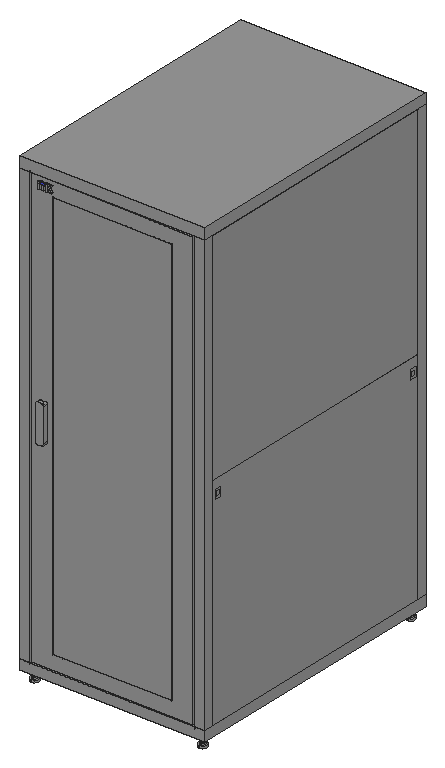
Revit family "ITK by ZPAS_Шкаф серверный_Напольный_42U-47U_IP20", category Электрооборудование, Revit 2019
Family settings
  Размер круглого соединителя = Использовать диаметр
  Тип детали = Другая панель
  На основе рабочей плоскости = Нет
  Всегда вертикально = Да
  При загрузке вырезать с полостями = Нет
  Общий = Нет
  Точка расчета площади = Нет
Parameters (values of type "В2000хШ800хГ1200_Серый_PP")
  Ширина = 800 mm
  Степень защиты = "IP20"  # constant formula
  Основание = 43 mm  # constant formula
  Материал стекла (перфорации) = Окраска - RAL 7035 перфорация
  Материал = Окраска - RAL 7035
  Комплект двери перфорированной распашной_ITK = no
  Комплект двери перфорированной задней_ITK = yes
  Изготовитель = "ITK"  # constant formula
  Дата изменения = ""
  Глубина = 1200 mm
  Высота общая = Высота + Основание  # 2043 mm
  Высота = 2000 mm
  УГО двухдверного шкафа = yes
  Тип монтажа = "Напольный"  # constant formula
  ΔХ [instance] = 2000 mm
  ΔY [instance] = 2000 mm
  URL = "https://www.iek.ru/"
  KSI_CPr_Строительные изделия = "61.1.04.08"  # constant formula
  KSI_CMa_Строительные материалы = "10.03.02.06"  # constant formula
  IEK_Цена за единицу = 146164.64
  IEK_Поиск в таблице имен = ""
  IEK_Описание = "Высокопрочная конструкция: - Прочный разборный каркас из стальных замкнутых профилей. - Допустимая статическая нагрузка: 1360 кг – для шкафа, установленного на ножках; 1500 кг – для шкафа без ножек, установленного непосредственно на полу. Многофункциональность: - Плавная и удобная (без инструментов) регулировка 19-дюймовых монтажных профилей. - Простая установка оборудования благодаря юнитовой (U) разметке на профилях. - Изменение монтажной ширины с 19 на 21 дюйм без использования дополнительных элементов (в шкафах шириной 800 мм). - Угол открытия двери до 270 градусов с возможностью изменения направления открытия. - Удобный доступ к оборудованию благодаря боковым панелям, состоящим из 2 секций. - Панели-перегородки между шкафами можно установить на любом этапе эксплуатации. - Для соединения кабелей заземления с элементами шкафа не требуются инструменты. - Для установки верхней панели шкафа не требуются инструменты. - Каркас содержит отверстия для установки аксессуаров. Безопасность: - Высоконадежная система запирания шкафа: 5-точечная для одностворчатых дверей, 3-точечная для двустворчатых дверей. - Возможность использования замков с контролем доступа. Эффективность: - Передние и задние двери с оптимальным уровнем перфорации 80%. - Для обеспечения необходимого притока холодного воздуха к оборудованию общая поверхность зоны перфорации составляет около 86% площади двери. - Для оптимизации притока холодного воздуха применяются компоненты, позволяющие разделить холодные и горячие зоны как в рамках одного шкафа, так и в пределах модульной системы из множества шкафов ITK by ZPAS."
  IEK_URL = "https://www.itk-group.ru/produktsiya/catalog/oborudovanie_telekommunikatsionnoe/kompleksnye_resheniya_dlya_tsod/shkafy_i_aksessuary_dlya_tsod/shkafy_servernye_itk_by_zpas/itk_by_zpas_shkaf_servernyy_19_42u_800kh1200mm_odnodvernyy_seryy"
  ADSK_Примечание = ""
  ADSK_Позиция [instance] = ""
  ADSK_Наименование = "ITK by ZPAS Шкаф серв. 19\" 42U В2000хШ800хГ1200 однодверный серый"
  ADSK_Материал обозначение = ""
  ADSK_Материал наименование = "Листовая сталь"  # constant formula
  ADSK_Масса = 110
  ADSK_Марка = "by ZPAS"  # constant formula
  ADSK_Код изделия = "ZP35-42U-0812-PP"
  ADSK_Завод-изготовитель = "IEK"  # constant formula
  ADSK_Единица измерения = "шт"  # constant formula
  ADSK_Группирование = "I. ЩИТЫ И ПУЛЬТЫ"  # constant formula
  ADSK_Версия семейства = "1.0"  # constant formula
  ADSK_Версия Revit = "2019"  # constant formula
  ADSK_URL страницы изделия = "https://www.itk-group.ru/produktsiya/catalog/oborudovanie_telekommunikatsionnoe/kompleksnye_resheniya_dlya_tsod/shkafy_i_aksessuary_dlya_tsod/shkafy_servernye_itk_by_zpas/?set_filter=y"
Reference planes
  plane 1 "По центру (Вперед/Назад)": y = 0
  plane 2: z = 0
  plane 3 "По центру (Влево/Вправо)": x = 0
  plane 4: y = 600
  plane 5: y = -600
  plane 6: x = -400
  plane 7: x = 400
  plane 8 "Высота ножек": z = 43
  plane 9 "Смещение УГО по X": x = -2000
  plane 10 "Смещение УГО по Y": y = 2000
  plane 11: z = 2043
  plane 12: z = 1043
  plane 13: z = 1001.75
  plane 14: y = 560
  plane 15: y = -560
  plane 16: y = -530
  plane 17: y = 530
Forms (mm)
  Extrusion 1, solid, detail levels coarse
    sketch origin (0, 0, 0) x (1, 0, 0) y (0, 1, 0)
      loop
        line (-400, 600) -> (-400, -600) -> (400, -600) -> (400, 600) -> (-400, 600)
    from 0 to 2043 <- "Высота общая"
  Extrusion 2, solid, detail levels medium
    sketch origin (0, 0, 0) x (1, 0, 0) y (0, 1, 0)
      loop
        line (-400, 600) -> (-400, -600) -> (400, -600) -> (400, 600) -> (-400, 600)
    from 0 to 2043 <- "Высота общая"
  Extrusion 3, solid, material "Окраска - RAL 7035" <- "Материал", detail levels fine
    sketch origin (305, 235.101, 0) x (-1, 0, 0) y (0, 0, 1)
      loop
        line (-65, 1993) -> (-95, 1993) -> (-95, 1044.116) -> (-65.973, 1044.116) -> (-65.973, 1041.884) -> (-95, 1041.884) -> (-95, 88) -> (-65, 88) -> (-65, 1993)
      loop
        line (675, 1993) -> (675, 88) -> (705, 88) -> (705, 1041.884) -> (675.973, 1041.884) -> (675.973, 1044.116) -> (705, 1044.116) -> (705, 1993) -> (675, 1993)
    from -795.101 to 324.899
Lines and regions (mm)
  reference lines
    curve 1: line (0, 90, 0) -> (0, -90, 0)
    curve 2: line (-140, 0, 0) -> (100, 0, 0)
Dimensions and locks
  equal spacing: plane 6, plane 3 "По центру (Влево/Вправо)", plane 7
  "Ширина": plane 6 to plane 7
  equal spacing: plane 4, plane 1 "По центру (Вперед/Назад)", plane 5
  "Глубина": plane 4 to plane 5
  "Основание": plane 8 "Высота ножек" to plane 2
  "ΔY": plane 10 "Смещение УГО по Y" to curve 2
  "ΔХ": plane 9 "Смещение УГО по X" to curve 1
  "Высота": plane 11 to plane 8 "Высота ножек"
  equal spacing: plane 11, plane 12, plane 8 "Высота ножек"
  locked: plane 12 to plane 13 at 41.25
  locked: plane 14 to plane 4 at 40
  locked: plane 15 to plane 5 at 40
  locked: plane 15 to plane 16 at 30
  locked: plane 17 to plane 14 at 30
  aligned and locked: level to plane 2
  aligned and locked: nested 1 to curve 1
  aligned and locked: nested 1 to curve 2
  aligned and locked: Extrusion 1 sketch curve to plane 4
  aligned and locked: Extrusion 1 sketch curve to plane 6
  aligned and locked: Extrusion 1 sketch curve to plane 7
  aligned and locked: Extrusion 1 sketch curve to plane 5
  aligned and locked: Extrusion 2 sketch curve to plane 6
  aligned and locked: Extrusion 2 sketch curve to plane 7
  aligned and locked: Extrusion 2 sketch curve to plane 4
  aligned and locked: Extrusion 2 sketch curve to plane 5
  aligned and locked: Extrusion 3 to nested 4
  aligned and locked: plane 7 to Extrusion 3
  aligned and locked: Extrusion 3 to nested 3  (x2)
  aligned and locked: plane 13 to nested 9
  aligned and locked: nested 10 to plane 13
  aligned and locked: plane 4 to nested 4
  aligned and locked: Extrusion 3 to plane 15
  aligned and locked: Extrusion 3 to plane 14
  aligned and locked: nested 7 to plane 16
  aligned and locked: plane 17 to nested 8
  aligned and locked: plane 16 to nested 9
Automatic sketch dimensions
  Extrusion 3 sketch curve to plane 7 = 0 mm  (x2)
  plane 6 to Extrusion 3 sketch curve = 0 mm
  Extrusion 3 sketch curve to plane 6 = 0 mm
  Extrusion 3 sketch curve to plane 12 = 1.116 mm  (x2)
  Extrusion 3 sketch curve to plane 7 = 29.027 mm
  Extrusion 3 sketch curve to plane 7 = 30 mm
  plane 6 to Extrusion 3 sketch curve = 30 mm
  plane 12 to Extrusion 3 sketch curve = 1.116 mm  (x2)
  plane 6 to Extrusion 3 sketch curve = 29.027 mm
  plane 8 "Высота ножек" to Extrusion 3 sketch curve = 45 mm  (x2)
  Extrusion 3 sketch curve to plane 11 = 50 mm  (x2)
  curve 2 to plane 3 "По центру (Влево/Вправо)" = 140 mm
  plane 3 "По центру (Влево/Вправо)" to curve 2 = 100 mm
  plane 1 "По центру (Вперед/Назад)" to curve 1 = 90 mm
  curve 1 to plane 1 "По центру (Вперед/Назад)" = 90 mm
Nested families
  nested 1: "УГО_шкафа_ITK" at (0, 0, 0), type "УГО двудверного шкафа", detail levels coarse+medium
    with Засечка УГО 480 mm, Глубина УГО 1200 mm
  nested 2: "Ножки_ITK" at (0, 0, 0), type "Ножки_ITK", detail levels fine
    with Глубина 1200 mm
  nested 3: "Основание_ITK_2шт" at (0, 0, 0), type "Основание_ITK_2шт", detail levels fine
    with Ширина 800 mm, Глубина 1200 mm
  nested 4: "Стойка_ITK_комплект 4шт" at (0, 0, 0), type "Стойка_ITK_комплект 4шт", detail levels fine
    with Ширина 800 mm, Глубина 1200 mm
  nested 5: "Комплект двери перфорированной задней_ITK" at (0, -17.5, 0) x (-1, 0, 0) z (0, 0, 1), visible <- "Комплект двери перфорированной задней_ITK", type "Комплект двери перфорированной задней_ITK", detail levels fine
    with Ширина 800 mm, Глубина 1200 mm
  nested 6: "Комплект двери перфорированной_ITK" at (0, 0, 0), type "Комплект двери перфорированной_ITK", detail levels fine
    with Ширина 800 mm, Глубина 1200 mm
  nested 7: "Замок_защелка_ITK" at (400, -530, 983) x (0, 1, 0) z (1, 0, 0), type "Замок_защелка_ITK", detail levels fine
  nested 8: "Замок_защелка_ITK" at (400, 530, 983) x (0, -1, 0) z (1, 0, 0), type "Замок_защелка_ITK", detail levels fine
  nested 9: "Замок_защелка_ITK" at (-400, -530, 983) x (0, 1, 0) z (-1, 0, 0), type "Замок_защелка_ITK", detail levels fine
  nested 10: "Замок_защелка_ITK" at (-400, 530, 983) x (0, -1, 0) z (-1, 0, 0), type "Замок_защелка_ITK", detail levels fine
  nested 11: "Комплект двери перфорированной распашной_ITK" at (0, 0, 0), visible <- "Комплект двери перфорированной распашной_ITK", type "Комплект двери перфорированной распашной_ITK", detail levels fine
Connectors
  electrical at (0, 0, 0)
    settings: on Extrusion 1, index 1, voltage 220 V, apparent load 0 VA, apparent load phase1 1 VA, apparent load phase2 0 VA, apparent load phase3 0 VA, power factor 1, load classification "Прочее", number of poles 1, system type 9, power factor state 1, is connector primary yes, connector utility no, sub classification motor no, connector description ""
Definition of nested family "Ножки_ITK"
  Parameters (values of type "Ножки_ITK")
    Ширина = 800 mm
    Основание = 43 mm
    Глубина = 800 mm
  Reference planes
    plane 1 "По центру (Вперед/Назад)": y = 0
    plane 2: z = 0
    plane 3 "По центру (Влево/Вправо)": x = 0
    plane 4: x = -400
    plane 5: x = 400
    plane 6: y = 400
    plane 7: y = -400
    plane 8: y = 365
    plane 9: y = -365
    plane 10 "Ось ножки-1": x = -365
    plane 11 "Ось ножки-2": x = 365
    plane 12: z = 43
  Forms (mm)
    Revolve 1, solid
      sketch origin (-365, 0, -0.503) x (0, 1, 0) y (0, 0, 1)
        loop
          line (-365, 43.503) -> (-365, 0.503) -> (-351, 0.503) -> (-351, 2) -> (-348, 2) -> (-348, 10)
          arc (-348, 10) -> (-348.586, 11.414) -> (-350, 12) r 2
          line (-350, 12) -> (-354.354, 12) -> (-354.354, 19)
          arc (-354.354, 19) -> (-354.647, 19.707) -> (-355.354, 20) r 1
          line (-355.354, 20) -> (-359, 20) -> (-359, 43.503) -> (-365, 43.503)
        axis (-365, 43.503) -> (-365, 0.503)
      angle from 0 to 360
    Revolve 2, solid
      sketch origin (365, 0, -0.503) x (0, 1, 0) y (0, 0, -1)
        loop
          line (-365, -43.503) -> (-359, -43.503) -> (-359, -20) -> (-355.354, -20)
          arc (-355.354, -20) -> (-354.647, -19.707) -> (-354.354, -19) r 1
          line (-354.354, -19) -> (-354.354, -12) -> (-350, -12)
          arc (-350, -12) -> (-348.586, -11.414) -> (-348, -10) r 2
          line (-348, -10) -> (-348, -2) -> (-351, -2) -> (-351, -0.503) -> (-365, -0.503) -> (-365, -43.503)
        axis (-365, -43.503) -> (-365, -0.503)
      angle from 0 to 360
    Revolve 3, solid
      sketch origin (-365, 0, -0.503) x (0, -1, 0) y (0, 0, -1)
        loop
          line (-365, -43.503) -> (-359, -43.503) -> (-359, -20) -> (-355.354, -20)
          arc (-355.354, -20) -> (-354.647, -19.707) -> (-354.354, -19) r 1
          line (-354.354, -19) -> (-354.354, -12) -> (-350, -12)
          arc (-350, -12) -> (-348.586, -11.414) -> (-348, -10) r 2
          line (-348, -10) -> (-348, -2) -> (-351, -2) -> (-351, -0.503) -> (-365, -0.503) -> (-365, -43.503)
        axis (-365, -43.503) -> (-365, -0.503)
      angle from 0 to 360
    Revolve 4, solid
      sketch origin (365, 0, -0.503) x (0, -1, 0) y (0, 0, 1)
        loop
          line (-365, 43.503) -> (-365, 0.503) -> (-351, 0.503) -> (-351, 2) -> (-348, 2) -> (-348, 10)
          arc (-348, 10) -> (-348.586, 11.414) -> (-350, 12) r 2
          line (-350, 12) -> (-354.354, 12) -> (-354.354, 19)
          arc (-354.354, 19) -> (-354.647, 19.707) -> (-355.354, 20) r 1
          line (-355.354, 20) -> (-359, 20) -> (-359, 43.503) -> (-365, 43.503)
        axis (-365, 43.503) -> (-365, 0.503)
      angle from 0 to 360
  Dimensions and locks
    equal spacing: plane 7, plane 1 "По центру (Вперед/Назад)", plane 6
    equal spacing: plane 4, plane 3 "По центру (Влево/Вправо)", plane 5
    "Ширина": plane 4 to plane 5
    "Глубина": plane 7 to plane 6
    "Основание": plane 12 to plane 2
    locked: plane 6 to plane 8 at 35
    locked: plane 7 to plane 9 at 35
    locked: plane 4 to plane 10 "Ось ножки-1" at 35
    locked: plane 11 "Ось ножки-2" to plane 5 at 35
    aligned and locked: level to plane 2
    aligned and locked: plane 10 "Ось ножки-1" to Revolve 1
    aligned and locked: plane 11 "Ось ножки-2" to Revolve 4
    aligned and locked: plane 11 "Ось ножки-2" to Revolve 2
    aligned and locked: plane 10 "Ось ножки-1" to Revolve 3
    aligned and locked: plane 12 to Revolve 1
    aligned and locked: Revolve 3 to plane 12
    aligned and locked: Revolve 2 to plane 12
    aligned and locked: plane 12 to Revolve 4
  Automatic sketch dimensions
    Revolve 1 sketch curve to plane 9 = 0 mm  (x2)
    level to Revolve 1 sketch curve = 0 mm
    Revolve 1 sketch curve to plane 9 = 6 mm
    Revolve 1 sketch curve to Revolve 1 sketch curve = 3.646 mm
    Revolve 1 sketch curve to Revolve 1 sketch curve = 1 mm
    Revolve 1 sketch curve to Revolve 1 sketch curve = 3.354 mm
    Revolve 1 sketch curve to Revolve 1 sketch curve = 4.354 mm
    Revolve 1 sketch curve to Revolve 1 sketch curve = 2 mm
    level to Revolve 1 sketch curve = 1.497 mm
    Revolve 1 sketch curve to plane 12 = 0 mm
    Revolve 1 sketch curve to level = 305.303 mm
    Revolve 2 sketch curve to plane 9 = 0 mm  (x2)
    level to Revolve 2 sketch curve = 0 mm
    Revolve 2 sketch curve to plane 9 = 6 mm
    Revolve 2 sketch curve to Revolve 2 sketch curve = 3.646 mm
    Revolve 2 sketch curve to Revolve 2 sketch curve = 1 mm
    Revolve 2 sketch curve to Revolve 2 sketch curve = 3.354 mm
    Revolve 2 sketch curve to Revolve 2 sketch curve = 4.354 mm
    Revolve 2 sketch curve to Revolve 2 sketch curve = 2 mm
    Revolve 2 sketch curve to plane 12 = 0 mm
    level to Revolve 2 sketch curve = 1.497 mm
    Revolve 2 sketch curve to level = 305.303 mm
    Revolve 3 sketch curve to plane 8 = 0 mm  (x2)
    level to Revolve 3 sketch curve = 0 mm
    Revolve 3 sketch curve to plane 8 = 6 mm
    Revolve 3 sketch curve to Revolve 3 sketch curve = 3.646 mm
    Revolve 3 sketch curve to Revolve 3 sketch curve = 1 mm
    Revolve 3 sketch curve to Revolve 3 sketch curve = 3.354 mm
    Revolve 3 sketch curve to Revolve 3 sketch curve = 4.354 mm
    Revolve 3 sketch curve to Revolve 3 sketch curve = 2 mm
    Revolve 3 sketch curve to plane 12 = 0 mm
    level to Revolve 3 sketch curve = 1.497 mm
    Revolve 3 sketch curve to level = 305.303 mm
    Revolve 4 sketch curve to plane 8 = 0 mm  (x2)
    level to Revolve 4 sketch curve = 0 mm
    Revolve 4 sketch curve to plane 8 = 6 mm
    Revolve 4 sketch curve to Revolve 4 sketch curve = 3.646 mm
    Revolve 4 sketch curve to Revolve 4 sketch curve = 1 mm
    Revolve 4 sketch curve to Revolve 4 sketch curve = 3.354 mm
    Revolve 4 sketch curve to Revolve 4 sketch curve = 4.354 mm
    Revolve 4 sketch curve to Revolve 4 sketch curve = 2 mm
    level to Revolve 4 sketch curve = 1.497 mm
    Revolve 4 sketch curve to plane 12 = 0 mm
    Revolve 4 sketch curve to level = 305.303 mm
    Revolve 1 sketch curve to Revolve 1 sketch curve = 8 mm
    Revolve 1 sketch curve to Revolve 1 sketch curve = 7 mm
    level to Revolve 2 sketch curve = 19.497 mm
    Revolve 2 sketch curve to Revolve 2 sketch curve = 7 mm
    level to Revolve 3 sketch curve = 19.497 mm
    Revolve 3 sketch curve to Revolve 3 sketch curve = 7 mm
    Revolve 4 sketch curve to Revolve 4 sketch curve = 8 mm
    Revolve 4 sketch curve to Revolve 4 sketch curve = 7 mm
    plane 12 to Revolve 1 sketch curve = 2387.897 mm
    plane 12 to Revolve 2 sketch curve = 2387.897 mm
    plane 12 to Revolve 3 sketch curve = 2387.897 mm
    plane 12 to Revolve 4 sketch curve = 2387.897 mm
Definition of nested family "Основание_ITK_2шт"
  Parameters (values of type "Основание_ITK_2шт")
    Ширина = 600 mm
    Основание = 43 mm
    Материал = none
    Глубина = 1000 mm
    Высота общая = 2043 mm
  Reference planes
    plane 1 "По центру (Вперед/Назад)": y = 0
    plane 2: z = 0
    plane 3 "По центру (Влево/Вправо)": x = 0
    plane 4: x = -300
    plane 5: x = 300
    plane 6: y = 500
    plane 7: y = -500
    plane 8: y = 460
    plane 9: y = -460
    plane 10: x = -260
    plane 11: x = 260
    plane 12: z = 88
    plane 13: z = 43
    plane 14: z = 2043
    plane 15: z = 1998
    plane 16: z = 1993
    plane 17: z = 93
  Forms (mm)
    Extrusion 1, solid, material <- "Материал"
      sketch origin (0, 0, 0) x (1, 0, 0) y (0, 0, 1)
        loop
          line (-300, 2043) -> (-300, 1998) -> (300, 1998) -> (300, 2043) -> (-300, 2043)
        loop
          line (-300, 88) -> (-300, 43) -> (300, 43) -> (300, 88) -> (-300, 88)
      from -500 to 500
    Extrusion 2, solid, material <- "Материал"
      sketch origin (-1511.359, -1524, 1998) x (-1, 0, 0) y (0, -1, 0)
        loop
          line (-1771.359, -1969) -> (-1771.359, -1984) -> (-1756.359, -1984) -> (-1756.359, -2014) -> (-1266.359, -2014) -> (-1266.359, -1984) -> (-1251.359, -1984) -> (-1251.359, -1969) -> (-1221.359, -1969) -> (-1221.359, -1079) -> (-1251.359, -1079) -> (-1251.359, -1064) -> (-1266.359, -1064) -> (-1266.359, -1044) -> (-1756.359, -1044) -> (-1756.359, -1064) -> (-1771.359, -1064) -> (-1771.359, -1079) -> (-1801.359, -1079) -> (-1801.359, -1969) -> (-1771.359, -1969)
      from -5 to 0
    Extrusion 3, solid, material <- "Материал"
      sketch origin (-1511.359, -1524, 384.733) x (0, 1, 0) y (1, 0, 0)
        loop
          line (1969, 1771.359) -> (1969, 1801.359) -> (1079, 1801.359) -> (1079, 1771.359) -> (1064, 1771.359) -> (1064, 1756.359) -> (1044, 1756.359) -> (1044, 1266.359) -> (1064, 1266.359) -> (1064, 1251.359) -> (1079, 1251.359) -> (1079, 1221.359) -> (1969, 1221.359) -> (1969, 1251.359) -> (1984, 1251.359) -> (1984, 1266.359) -> (2014, 1266.359) -> (2014, 1756.359) -> (1984, 1756.359) -> (1984, 1771.359) -> (1969, 1771.359)
      from 291.733 to 296.733
  Dimensions and locks
    equal spacing: plane 7, plane 1 "По центру (Вперед/Назад)", plane 6
    equal spacing: plane 4, plane 3 "По центру (Влево/Вправо)", plane 5
    "Ширина": plane 4 to plane 5
    "Глубина": plane 7 to plane 6
    locked: plane 7 to plane 9 at 40
    locked: plane 6 to plane 8 at 40
    locked: plane 11 to plane 5 at 40
    locked: plane 4 to plane 10 at 40
    "Основание": plane 13 to plane 2
    locked: plane 12 to plane 13 at 45
    locked: plane 14 to plane 15 at 45
    locked: plane 15 to plane 16 at 5
    locked: plane 17 to plane 12 at 5
    "Высота общая": plane 14 to plane 2
    aligned and locked: level to plane 2
    aligned and locked: Extrusion 1 sketch curve to plane 14
    aligned and locked: plane 4 to Extrusion 1 sketch curve  (x2)
    aligned and locked: plane 15 to Extrusion 1 sketch curve
    aligned and locked: plane 5 to Extrusion 1 sketch curve  (x2)
    aligned and locked: Extrusion 1 sketch curve to plane 12
    aligned and locked: plane 13 to Extrusion 1 sketch curve
    aligned and locked: plane 6 to Extrusion 1
    aligned and locked: plane 7 to Extrusion 1
    aligned and locked: plane 9 to Extrusion 2 sketch curve
    aligned and locked: Extrusion 2 sketch curve to plane 9
    aligned and locked: Extrusion 2 sketch curve to plane 10
    aligned and locked: plane 11 to Extrusion 2 sketch curve
    aligned and locked: Extrusion 2 sketch curve to plane 11
    aligned and locked: plane 8 to Extrusion 2 sketch curve
    aligned and locked: Extrusion 2 sketch curve to plane 8
    aligned and locked: plane 10 to Extrusion 2 sketch curve
    aligned and locked: plane 15 to Extrusion 2
    aligned and locked: Extrusion 2 to plane 16
    aligned and locked: Extrusion 3 to plane 12
    aligned and locked: plane 17 to Extrusion 3
    aligned and locked: Extrusion 2 sketch curve to Extrusion 3
  Automatic sketch dimensions
    plane 5 to Extrusion 2 sketch curve = 10 mm
    Extrusion 2 sketch curve to Extrusion 2 sketch curve = 15 mm  (x2)
    plane 10 to Extrusion 2 sketch curve = 15 mm  (x2)
    plane 4 to Extrusion 2 sketch curve = 10 mm
    Extrusion 2 sketch curve to plane 6 = 10 mm
    Extrusion 2 sketch curve to plane 8 = 15 mm  (x2)
    Extrusion 2 sketch curve to plane 9 = 15 mm  (x2)
    plane 9 to Extrusion 3 sketch curve = 0 mm  (x2)
    Extrusion 3 sketch curve to plane 11 = 0 mm  (x2)
    Extrusion 3 sketch curve to plane 10 = 0 mm  (x2)
    Extrusion 3 sketch curve to plane 8 = 0 mm  (x2)
    Extrusion 3 sketch curve to plane 7 = 20 mm
    Extrusion 3 sketch curve to plane 9 = 15 mm  (x2)
    Extrusion 3 sketch curve to Extrusion 3 sketch curve = 15 mm  (x3)
    Extrusion 3 sketch curve to plane 8 = 15 mm
    Extrusion 3 sketch curve to plane 6 = 10 mm
    plane 5 to Extrusion 3 sketch curve = 10 mm
    plane 10 to Extrusion 3 sketch curve = 15 mm  (x2)
    plane 4 to Extrusion 3 sketch curve = 10 mm
Definition of nested family "Стойка_ITK_комплект 4шт"
  Parameters (values of type "Стойка_ITK_комплект 4шт")
    Ширина = 600 mm
    Основание = 43 mm
    Материал = none
    Глубина = 1000 mm
    Высота общая = 2043 mm
  Reference planes
    plane 1 "По центру (Вперед/Назад)": y = 0
    plane 2: z = 0
    plane 3 "По центру (Влево/Вправо)": x = 0
    plane 4: x = -300
    plane 5: x = 300
    plane 6: y = 500
    plane 7: y = -500
    plane 8: y = 460
    plane 9: y = -460
    plane 10: x = -260
    plane 11: x = 260
    plane 12: z = 2003
    plane 13: z = 83
    plane 14: z = 43
    plane 15: z = 2043
  Forms (mm)
    Extrusion 1, solid, material <- "Материал"
      sketch origin (0, 0, 0) x (1, 0, 0) y (0, 1, 0)
        loop
          line (-300, -460) -> (-300, -500) -> (-260, -500) -> (-260, -480) -> (-245, -480) -> (-245, -460) -> (-260, -460) -> (-260, -445) -> (-270, -445) -> (-270, -460) -> (-300, -460)
        loop
          line (300, -460) -> (270, -460) -> (270, -445) -> (260, -445) -> (260, -460) -> (245, -460) -> (245, -480) -> (260, -480) -> (260, -500) -> (300, -500) -> (300, -460)
        loop
          line (300, 460) -> (300, 500) -> (260, 500) -> (260, 470) -> (245, 470) -> (245, 460) -> (260, 460) -> (260, 445) -> (270, 445) -> (270, 460) -> (300, 460)
        loop
          line (-300, 460) -> (-270, 460) -> (-270, 445) -> (-260, 445) -> (-260, 460) -> (-245, 460) -> (-245, 470) -> (-260, 470) -> (-260, 500) -> (-300, 500) -> (-300, 460)
        loop
          line (297, 497) -> (263, 497) -> (263, 467) -> (248, 467) -> (248, 463) -> (263, 463) -> (263, 448) -> (267, 448) -> (267, 463) -> (297, 463) -> (297, 497)
        loop
          line (-263, 497) -> (-297, 497) -> (-297, 463) -> (-267, 463) -> (-267, 448) -> (-263, 448) -> (-263, 463) -> (-248, 463) -> (-248, 467) -> (-263, 467) -> (-263, 497)
        loop
          line (-297, -463) -> (-297, -497) -> (-263, -497) -> (-263, -477) -> (-248, -477) -> (-248, -463) -> (-263, -463) -> (-263, -448) -> (-267, -448) -> (-267, -463) -> (-297, -463)
        loop
          line (263, -497) -> (297, -497) -> (297, -463) -> (267, -463) -> (267, -448) -> (263, -448) -> (263, -463) -> (248, -463) -> (248, -477) -> (263, -477) -> (263, -497)
      from 83 to 2003
  Dimensions and locks
    equal spacing: plane 7, plane 1 "По центру (Вперед/Назад)", plane 6
    equal spacing: plane 4, plane 3 "По центру (Влево/Вправо)", plane 5
    "Ширина": plane 4 to plane 5
    "Глубина": plane 7 to plane 6
    locked: plane 7 to plane 9 at 40
    locked: plane 6 to plane 8 at 40
    locked: plane 11 to plane 5 at 40
    locked: plane 4 to plane 10 at 40
    locked: plane 15 to plane 12 at 40
    locked: plane 13 to plane 14 at 40
    "Основание": plane 14 to plane 2
    "Высота общая": plane 15 to plane 2
    aligned and locked: level to plane 2
    aligned and locked: plane 9 to Extrusion 1 sketch curve
    aligned and locked: plane 4 to Extrusion 1 sketch curve
    aligned and locked: Extrusion 1 sketch curve to plane 7
    aligned and locked: plane 5 to Extrusion 1 sketch curve
    aligned and locked: plane 8 to Extrusion 1 sketch curve  (x2)
    aligned and locked: Extrusion 1 sketch curve to plane 11  (x2)
    aligned and locked: Extrusion 1 sketch curve to plane 6
    aligned and locked: plane 10 to Extrusion 1 sketch curve  (x2)
    aligned and locked: Extrusion 1 sketch curve to plane 8  (x2)
    aligned and locked: plane 6 to Extrusion 1 sketch curve
    aligned and locked: Extrusion 1 sketch curve to plane 4
    aligned and locked: plane 7 to Extrusion 1 sketch curve
    aligned and locked: Extrusion 1 sketch curve to plane 5
    aligned and locked: Extrusion 1 sketch curve to plane 9
    aligned and locked: plane 11 to Extrusion 1 sketch curve
    aligned and locked: plane 12 to Extrusion 1
    aligned and locked: Extrusion 1 to plane 13
  Automatic sketch dimensions
    Extrusion 1 sketch curve to plane 10 = 0 mm  (x2)
    plane 9 to Extrusion 1 sketch curve = 0 mm  (x2)
    Extrusion 1 sketch curve to plane 11 = 0 mm
    plane 4 to Extrusion 1 sketch curve = 3 mm  (x2)
    Extrusion 1 sketch curve to plane 10 = 10 mm  (x2)
    Extrusion 1 sketch curve to Extrusion 1 sketch curve = 3 mm  (x16)
    Extrusion 1 sketch curve to plane 10 = 3 mm  (x4)
    plane 10 to Extrusion 1 sketch curve = 12 mm  (x2)
    Extrusion 1 sketch curve to Extrusion 1 sketch curve = 15 mm  (x2)
    Extrusion 1 sketch curve to plane 11 = 3 mm  (x4)
    Extrusion 1 sketch curve to Extrusion 1 sketch curve = 4 mm  (x4)
    plane 5 to Extrusion 1 sketch curve = 3 mm  (x2)
    Extrusion 1 sketch curve to plane 7 = 3 mm  (x2)
    Extrusion 1 sketch curve to plane 7 = 20 mm  (x2)
    plane 9 to Extrusion 1 sketch curve = 3 mm  (x4)
    Extrusion 1 sketch curve to plane 9 = 12 mm  (x2)
    Extrusion 1 sketch curve to plane 8 = 15 mm  (x2)
    plane 8 to Extrusion 1 sketch curve = 3 mm  (x4)
    Extrusion 1 sketch curve to plane 6 = 3 mm  (x2)
Definition of nested family "Комплект двери перфорированной задней_ITK"
  Parameters (values of type "Комплект двери перфорированной задней_ITK")
    Ширина = 600 mm
    Основание = 43 mm
    Материал стекла (перфорации) = none
    Материал = none
    Крыша вентиляционная = 50 mm
    Глубина = 1000 mm
    Высота общая = 2043 mm
  Reference planes
    plane 1 "По центру (Вперед/Назад)": y = 0
    plane 2: z = 0
    plane 3 "По центру (Влево/Вправо)": x = 0
    plane 4: x = -300
    plane 5: x = 300
    plane 6: y = 500
    plane 7: y = -500
    plane 8: y = -480
    plane 9 "Дверь-4": z = 93
    plane 10: z = 43
    plane 11: z = 1043
    plane 12: z = 2043
    plane 13 "Дверь-2": z = 1993
    plane 14 "Дверь-1": x = -250
    plane 15 "Дверь-3": x = 250
    plane 16 "Стекло-1": z = 1933
    plane 17 "Стекло-3": z = 153
    plane 18 "Стекло-4": x = -157
    plane 19 "Стекло-2": x = 157
    plane 20: z = 1978
    plane 21 "Ручка": x = 200
  Forms (mm)
    Extrusion 1, solid, material <- "Материал", detail levels fine
      sketch origin (0, 0, 0) x (1, 0, 0) y (0, 0, 1)
        loop
          line (-250, 1993) -> (-250, 93) -> (250, 93) -> (250, 1993) -> (-250, 1993)
        loop
          line (-157, 1933) -> (-157, 153) -> (157, 153) -> (157, 1933) -> (-157, 1933)
      from 480 to 500
    Extrusion 2, solid, material <- "Материал стекла (перфорации)", detail levels fine
      sketch origin (0, 0, 0) x (1, 0, 0) y (0, 0, 1)
        loop
          line (-157, 153) -> (157, 153) -> (157, 1933) -> (-157, 1933) -> (-157, 153)
      from 480 to 500
  Dimensions and locks
    equal spacing: plane 7, plane 1 "По центру (Вперед/Назад)", plane 6
    equal spacing: plane 4, plane 3 "По центру (Влево/Вправо)", plane 5
    "Ширина": plane 4 to plane 5
    "Глубина": plane 7 to plane 6
    locked: plane 7 to plane 8 at 20
    "Основание": plane 10 to plane 2
    equal spacing: plane 12, plane 11, plane 10
    "Высота общая": plane 12 to plane 2
    locked: plane 9 "Дверь-4" to plane 10 at 50
    locked: plane 12 to plane 13 "Дверь-2" at 50
    locked: plane 14 "Дверь-1" to plane 4 at 50
    locked: plane 15 "Дверь-3" to plane 5 at 50
    locked: plane 13 "Дверь-2" to plane 16 "Стекло-1" at 60
    locked: plane 17 "Стекло-3" to plane 9 "Дверь-4" at 60
    locked: plane 18 "Стекло-4" to plane 14 "Дверь-1" at 93
    locked: plane 15 "Дверь-3" to plane 19 "Стекло-2" at 93
    locked: plane 13 "Дверь-2" to plane 20 at 15
    locked: plane 15 "Дверь-3" to plane 21 "Ручка" at 50
    aligned and locked: level to plane 2
    aligned and locked: Extrusion 1 sketch curve to plane 14 "Дверь-1"
    aligned and locked: Extrusion 1 sketch curve to plane 13 "Дверь-2"
    aligned and locked: Extrusion 1 sketch curve to plane 15 "Дверь-3"
    aligned and locked: Extrusion 1 sketch curve to plane 9 "Дверь-4"
    aligned and locked: Extrusion 1 sketch curve to plane 18 "Стекло-4"
    aligned and locked: Extrusion 1 sketch curve to plane 16 "Стекло-1"
    aligned and locked: Extrusion 1 sketch curve to plane 19 "Стекло-2"
    aligned and locked: Extrusion 1 sketch curve to plane 17 "Стекло-3"
    aligned and locked: plane 7 to Extrusion 1
    aligned and locked: Extrusion 1 to plane 8
    aligned and locked: plane 7 to Extrusion 2
    aligned and locked: Extrusion 2 to plane 8
    aligned and locked: nested 1 to plane 11
    aligned and locked: plane 21 "Ручка" to nested 1
  Automatic sketch dimensions
    Extrusion 2 sketch curve to plane 16 "Стекло-1" = 0 mm
    plane 18 "Стекло-4" to Extrusion 2 sketch curve = 0 mm
    plane 17 "Стекло-3" to Extrusion 2 sketch curve = 0 mm
    Extrusion 2 sketch curve to plane 19 "Стекло-2" = 0 mm
  Nested families
    nested 1: "Ручка_ITK" at (200, -500, 1043) x (1, 0, 0) z (0, -1, 0), type "Ручка_ITK"
  Definition of nested family "Ручка_ITK"
    Parameters (values of type "Ручка_ITK")
      Default Elevation = 1219.2 mm
      Материал = none
    Reference planes
      plane 1 "По центру (Вперед/Назад)": y = 0
      plane 2: z = 0
      plane 3 "По центру (Влево/Вправо)": x = 0
    Forms (mm)
      Extrusion 1, solid
        sketch origin (0, 0, 0) x (1, 0, 0) y (0, 1, 0)
          loop
            line (-1219.2, 1219.2) -> (-1219.2, -1219.2) -> (1219.2, -1219.2) -> (1219.2, 1219.2) -> (-1219.2, 1219.2)
        from 0 to -304.8
      Extrusion 2, solid
        sketch origin (0, 0, 0) x (1, 0, 0) y (0, 1, 0)
          loop
            arc (-7.5, 82.5) -> (-14.571, 79.571) -> (-17.5, 72.5) r 10
            line (-17.5, 72.5) -> (-17.5, -72.5)
            arc (-17.5, -72.5) -> (-14.571, -79.571) -> (-7.5, -82.5) r 10
            line (-7.5, -82.5) -> (7.5, -82.5)
            arc (7.5, -82.5) -> (14.571, -79.571) -> (17.5, -72.5) r 10
            line (17.5, -72.5) -> (17.5, 72.5)
            arc (17.5, 72.5) -> (14.571, 79.571) -> (7.5, 82.5) r 10
            line (7.5, 82.5) -> (-7.5, 82.5)
        from 0 to 17.5
    Dimensions and locks
      aligned and locked: plane 2 to Extrusion 1
      aligned and locked: level to Extrusion 1
Definition of nested family "Комплект двери перфорированной_ITK"
  Parameters (values of type "Комплект двери перфорированной_ITK")
    Ширина = 600 mm
    Основание = 43 mm
    Материал стекла (перворации) = none
    Материал = none
    Крыша вентиляционная = 50 mm
    Глубина = 1000 mm
    Высота общая = 2043 mm
  Reference planes
    plane 1 "По центру (Вперед/Назад)": y = 0
    plane 2: z = 0
    plane 3 "По центру (Влево/Вправо)": x = 0
    plane 4: x = -300
    plane 5: x = 300
    plane 6: y = 500
    plane 7: y = -500
    plane 8: y = -480
    plane 9 "Дверь-4": z = 93
    plane 10: z = 2043
    plane 11: z = 43
    plane 12: z = 1043
    plane 13: x = -200
    plane 14: z = 2043
    plane 15 "Дверь-2": z = 1993
    plane 16 "Дверь-1": x = -250
    plane 17 "Дверь-3": x = 250
    plane 18 "Стекло-1": z = 1933
    plane 19 "Стекло-3": z = 153
    plane 20 "Стекло-4": x = -157
    plane 21 "Стекло-2": x = 157
    plane 22: z = 1978
  Forms (mm)
    Extrusion 1, solid, material <- "Материал", detail levels fine
      sketch origin (0, 0, 0) x (1, 0, 0) y (0, 0, 1)
        loop
          line (-250, 1993) -> (-250, 93) -> (250, 93) -> (250, 1993) -> (-250, 1993)
        loop
          line (-157, 1933) -> (-157, 153) -> (157, 153) -> (157, 1933) -> (-157, 1933)
      from 480 to 500
    Extrusion 2, solid, material <- "Материал стекла (перворации)", detail levels fine
      sketch origin (0, 0, 0) x (1, 0, 0) y (0, 0, 1)
        loop
          line (-157, 153) -> (157, 153) -> (157, 1933) -> (-157, 1933) -> (-157, 153)
      from 480 to 500
  Dimensions and locks
    equal spacing: plane 7, plane 1 "По центру (Вперед/Назад)", plane 6
    equal spacing: plane 4, plane 3 "По центру (Влево/Вправо)", plane 5
    "Ширина": plane 4 to plane 5
    "Глубина": plane 7 to plane 6
    locked: plane 7 to plane 8 at 20
    "Основание": plane 11 to plane 2
    equal spacing: plane 14, plane 12, plane 11
    locked: plane 4 to plane 13 at 100
    "Высота общая": plane 14 to plane 2
    locked: plane 9 "Дверь-4" to plane 11 at 50
    locked: plane 14 to plane 15 "Дверь-2" at 50
    locked: plane 16 "Дверь-1" to plane 4 at 50
    locked: plane 17 "Дверь-3" to plane 5 at 50
    locked: plane 15 "Дверь-2" to plane 18 "Стекло-1" at 60
    locked: plane 19 "Стекло-3" to plane 9 "Дверь-4" at 60
    locked: plane 20 "Стекло-4" to plane 16 "Дверь-1" at 93
    locked: plane 17 "Дверь-3" to plane 21 "Стекло-2" at 93
    locked: plane 15 "Дверь-2" to plane 22 at 15
    aligned and locked: level to plane 2
    aligned and locked: Extrusion 1 sketch curve to plane 16 "Дверь-1"
    aligned and locked: Extrusion 1 sketch curve to plane 15 "Дверь-2"
    aligned and locked: Extrusion 1 sketch curve to plane 17 "Дверь-3"
    aligned and locked: Extrusion 1 sketch curve to plane 9 "Дверь-4"
    aligned and locked: Extrusion 1 sketch curve to plane 20 "Стекло-4"
    aligned and locked: Extrusion 1 sketch curve to plane 18 "Стекло-1"
    aligned and locked: Extrusion 1 sketch curve to plane 21 "Стекло-2"
    aligned and locked: Extrusion 1 sketch curve to plane 19 "Стекло-3"
    aligned and locked: plane 7 to Extrusion 1
    aligned and locked: Extrusion 1 to plane 8
    aligned and locked: plane 7 to Extrusion 2
    aligned and locked: Extrusion 2 to plane 8
    aligned and locked: plane 22 to nested 1
    aligned and locked: nested 1 to plane 13
    aligned and locked: plane 13 to nested 2
    aligned and locked: nested 2 to plane 12
  Automatic sketch dimensions
    Extrusion 2 sketch curve to plane 18 "Стекло-1" = 0 mm
    plane 20 "Стекло-4" to Extrusion 2 sketch curve = 0 mm
    plane 19 "Стекло-3" to Extrusion 2 sketch curve = 0 mm
    Extrusion 2 sketch curve to plane 21 "Стекло-2" = 0 mm
  Nested families
    nested 1: "Логотип_ITK" at (-192.295, -500, 1948.59) x (1, 0, 0) z (0, -1, 0), type "Логотип_ITK"
    nested 2: "Ручка_ITK" at (-200, -500, 1043) x (1, 0, 0) z (0, -1, 0), type "Ручка_ITK"
  Definition of nested family "Логотип_ITK"
    Parameters (values of type "Логотип_ITK")
      Default Elevation = 1219.2 mm
      Материал = none
    Reference planes
      plane 1 "По центру (Вперед/Назад)": y = 0
      plane 2: z = 0
      plane 3 "По центру (Влево/Вправо)": x = 0
    Forms (mm)
      Extrusion 1, solid
        sketch origin (0, 0, 0) x (1, 0, 0) y (0, 1, 0)
          loop
            line (-1219.2, 1219.2) -> (-1219.2, -1219.2) -> (1219.2, -1219.2) -> (1219.2, 1219.2) -> (-1219.2, 1219.2)
        from 0 to -304.8
      Extrusion 2, solid
        sketch origin (0, 0, 0) x (1, 0, 0) y (0, 1, 0)
          loop
            line (-24.198, 18.809) -> (-24.198, 0) -> (-15.975, 0) -> (-15.975, 18.809) -> (-24.198, 18.809)
          loop
            line (0.039, 18.809) -> (-7.705, 18.809) -> (-7.705, 0) -> (0.039, 0) -> (0.039, 18.809)
          loop
            line (-24.198, 21.431) -> (-15.975, 21.431) -> (-15.975, 29.41) -> (-24.198, 29.41) -> (-24.198, 21.431)
          loop
            line (8.482, 29.41) -> (8.482, 0) -> (16.233, 0) -> (16.233, 11.027) -> (19.197, 11.027) -> (26.358, 0) -> (35.802, 0) -> (25.102, 14.728) -> (35.802, 29.41) -> (26.358, 29.41) -> (19.197, 18.383) -> (16.233, 18.383) -> (16.233, 29.41) -> (8.482, 29.41)
        from 0 to 7
      Extrusion 3, solid
        sketch origin (0, 0, 0) x (1, 0, 0) y (0, 1, 0)
          loop
            line (-13.581, 29.41) -> (-13.581, 21.431) -> (5.915, 21.431) -> (5.915, 29.41) -> (-13.581, 29.41)
        from 0 to 7
    Dimensions and locks
      aligned and locked: plane 2 to Extrusion 1
      aligned and locked: level to Extrusion 1
  Definition of nested family "Ручка_ITK"
    Parameters (values of type "Ручка_ITK")
      Default Elevation = 1219.2 mm
      Материал = none
    Reference planes
      plane 1 "По центру (Вперед/Назад)": y = 0
      plane 2: z = 0
      plane 3 "По центру (Влево/Вправо)": x = 0
    Forms (mm)
      Extrusion 1, solid
        sketch origin (0, 0, 0) x (1, 0, 0) y (0, 1, 0)
          loop
            line (-1219.2, 1219.2) -> (-1219.2, -1219.2) -> (1219.2, -1219.2) -> (1219.2, 1219.2) -> (-1219.2, 1219.2)
        from 0 to -304.8
      Extrusion 2, solid
        sketch origin (0, 0, 0) x (1, 0, 0) y (0, 1, 0)
          loop
            arc (-7.5, 82.5) -> (-14.571, 79.571) -> (-17.5, 72.5) r 10
            line (-17.5, 72.5) -> (-17.5, -72.5)
            arc (-17.5, -72.5) -> (-14.571, -79.571) -> (-7.5, -82.5) r 10
            line (-7.5, -82.5) -> (7.5, -82.5)
            arc (7.5, -82.5) -> (14.571, -79.571) -> (17.5, -72.5) r 10
            line (17.5, -72.5) -> (17.5, 72.5)
            arc (17.5, 72.5) -> (14.571, 79.571) -> (7.5, 82.5) r 10
            line (7.5, 82.5) -> (-7.5, 82.5)
        from 0 to 17.5
    Dimensions and locks
      aligned and locked: plane 2 to Extrusion 1
      aligned and locked: level to Extrusion 1
Definition of nested family "Замок_защелка_ITK"
  Parameters (values of type "Замок_защелка_ITK")
    Default Elevation = 1219.2 mm
    Материал = none
  Reference planes
    plane 1 "По центру (Вперед/Назад)": y = 0
    plane 2: z = 0
    plane 3 "По центру (Влево/Вправо)": x = 0
  Forms (mm)
    Extrusion 1, solid
      sketch origin (0, 0, 0) x (1, 0, 0) y (0, 1, 0)
        loop
          line (-1219.2, 1219.2) -> (-1219.2, -1219.2) -> (1219.2, -1219.2) -> (1219.2, 1219.2) -> (-1219.2, 1219.2)
      from 0 to -304.8
    Extrusion 2, solid
      sketch origin (0, 0, 0) x (1, 0, 0) y (0, 1, 0)
        loop
          line (11.75, 18.75) -> (-11.75, 18.75)
          arc (-11.75, 18.75) -> (-12.457, 18.457) -> (-12.75, 17.75) r 1
          line (-12.75, 17.75) -> (-12.75, -17.75)
          arc (-12.75, -17.75) -> (-12.457, -18.457) -> (-11.75, -18.75) r 1
          line (-11.75, -18.75) -> (11.75, -18.75)
          arc (11.75, -18.75) -> (12.457, -18.457) -> (12.75, -17.75) r 1
          line (12.75, -17.75) -> (12.75, 17.75)
          arc (12.75, 17.75) -> (12.457, 18.457) -> (11.75, 18.75) r 1
        loop
          line (9.976, 10.75) -> (-9.976, 10.75) -> (-9.976, -9.743)
          arc (-9.976, -9.743) -> (0, -12.25) -> (9.976, -9.743) r 21.1
          line (9.976, -9.743) -> (9.976, 10.75)
      from 0 to 2
    Extrusion 3, solid
      sketch origin (0, 0, 0) x (1, 0, 0) y (0, 1, 0)
        loop
          arc (-9.976, -9.743) -> (0, -12.25) -> (9.976, -9.743) r 21.1
          line (9.976, -9.743) -> (9.976, 10.75) -> (-9.976, 10.75) -> (-9.976, -9.743)
      from 0 to 1
  Dimensions and locks
    aligned and locked: plane 2 to Extrusion 1
    aligned and locked: level to Extrusion 1
    aligned and locked: Extrusion 3 sketch curve to Extrusion 2  (x4)
Definition of nested family "Комплект двери перфорированной распашной_ITK"
  Parameters (values of type "Комплект двери перфорированной распашной_ITK")
    Ширина = 800 mm
    Основание = 43 mm
    Материал стекла (перфорации) = none
    Материал = none
    Глубина = 1200 mm
    Высота общая = 2043 mm
  Reference planes
    plane 1 "По центру (Вперед/Назад)": y = 0
    plane 2: z = 0
    plane 3 "По центру (Влево/Вправо)": x = 0
    plane 4: x = -400
    plane 5: x = 400
    plane 6: y = 600
    plane 7: y = -600
    plane 8: y = -580
    plane 9 "Дверь-4": z = 93
    plane 10: z = 43
    plane 11: z = 1043
    plane 12: x = -300
    plane 13: z = 2043
    plane 14 "Дверь-2": z = 1993
    plane 15 "Дверь-1": x = -350
    plane 16 "Дверь-3": x = 350
    plane 17 "Стекло-1": z = 1911
    plane 18 "Стекло-3": z = 175
    plane 19 "Стекло-4": x = -259
    plane 20 "Стекло-2": x = 259
    plane 21: z = 1978
    plane 22: x = -5
    plane 23: x = 5
    plane 24 "Перфорация-1": x = -96
    plane 25 "Перфорация-2": x = 96
    plane 26 "Ручка": x = 45
  Forms (mm)
    Extrusion 1, solid, material <- "Материал", detail levels fine
      sketch origin (0, 0, 0) x (1, 0, 0) y (0, 0, 1)
        loop
          line (-350, 1993) -> (-350, 93) -> (-5, 93) -> (-5, 1993) -> (-350, 1993)
        loop
          line (350, 1993) -> (5, 1993) -> (5, 93) -> (350, 93) -> (350, 1993)
        loop
          line (-259, 1911) -> (-259, 175) -> (-96, 175) -> (-96, 1911) -> (-259, 1911)
        loop
          line (96, 1911) -> (96, 175) -> (259, 175) -> (259, 1911) -> (96, 1911)
      from 580 to 600
    Extrusion 2, solid, material <- "Материал стекла (перфорации)", detail levels fine
      sketch origin (0, 0, 0) x (1, 0, 0) y (0, 0, 1)
        loop
          line (-259, 175) -> (-96, 175) -> (-96, 1911) -> (-259, 1911) -> (-259, 175)
        loop
          line (259, 1911) -> (96, 1911) -> (96, 175) -> (259, 175) -> (259, 1911)
      from 580 to 600
  Dimensions and locks
    equal spacing: plane 7, plane 1 "По центру (Вперед/Назад)", plane 6
    equal spacing: plane 4, plane 3 "По центру (Влево/Вправо)", plane 5
    "Ширина": plane 4 to plane 5
    "Глубина": plane 7 to plane 6
    locked: plane 7 to plane 8 at 20
    "Основание": plane 10 to plane 2
    equal spacing: plane 13, plane 11, plane 10
    locked: plane 4 to plane 12 at 100
    "Высота общая": plane 13 to plane 2
    locked: plane 9 "Дверь-4" to plane 10 at 50
    locked: plane 13 to plane 14 "Дверь-2" at 50
    locked: plane 15 "Дверь-1" to plane 4 at 50
    locked: plane 16 "Дверь-3" to plane 5 at 50
    locked: plane 14 "Дверь-2" to plane 17 "Стекло-1" at 82
    locked: plane 18 "Стекло-3" to plane 9 "Дверь-4" at 82
    locked: plane 19 "Стекло-4" to plane 15 "Дверь-1" at 91
    locked: plane 16 "Дверь-3" to plane 20 "Стекло-2" at 91
    locked: plane 14 "Дверь-2" to plane 21 at 15
    plane 23 to plane 3 "По центру (Влево/Вправо)" to plane 22 = 5 mm locked, 5 mm locked
    locked: plane 22 to plane 24 "Перфорация-1" at 91
    locked: plane 25 "Перфорация-2" to plane 23 at 91
    locked: plane 26 "Ручка" to plane 23 at 40
    aligned and locked: level to plane 2
    aligned and locked: Extrusion 1 sketch curve to plane 15 "Дверь-1"
    aligned and locked: Extrusion 1 sketch curve to plane 16 "Дверь-3"
    aligned and locked: Extrusion 1 sketch curve to plane 19 "Стекло-4"
    aligned and locked: Extrusion 1 sketch curve to plane 17 "Стекло-1"  (x2)
    aligned and locked: Extrusion 1 sketch curve to plane 20 "Стекло-2"
    aligned and locked: Extrusion 1 sketch curve to plane 18 "Стекло-3"  (x2)
    aligned and locked: plane 7 to Extrusion 1
    aligned and locked: Extrusion 1 to plane 8
    aligned and locked: plane 7 to Extrusion 2
    aligned and locked: Extrusion 2 to plane 8
    aligned and locked: nested 1 to plane 11
    aligned and locked: Extrusion 2 sketch curve to plane 25 "Перфорация-2"
    aligned and locked: Extrusion 2 sketch curve to plane 18 "Стекло-3"
    aligned and locked: Extrusion 2 sketch curve to plane 17 "Стекло-1"
    aligned and locked: Extrusion 1 sketch curve to plane 23
    aligned and locked: Extrusion 1 sketch curve to plane 22
    aligned and locked: plane 25 "Перфорация-2" to Extrusion 1 sketch curve
    aligned and locked: Extrusion 1 sketch curve to plane 24 "Перфорация-1"
    aligned and locked: plane 26 "Ручка" to nested 1
  Automatic sketch dimensions
    Extrusion 2 sketch curve to plane 17 "Стекло-1" = 0 mm
    Extrusion 2 sketch curve to plane 19 "Стекло-4" = 0 mm
    Extrusion 2 sketch curve to plane 24 "Перфорация-1" = 0 mm
    Extrusion 2 sketch curve to plane 20 "Стекло-2" = 0 mm
    Extrusion 2 sketch curve to plane 18 "Стекло-3" = 0 mm
    Extrusion 1 sketch curve to plane 14 "Дверь-2" = 0 mm  (x2)
    Extrusion 1 sketch curve to plane 9 "Дверь-4" = 0 mm  (x2)
  Nested families
    nested 1: "Ручка_ITK" at (45, -600, 1043) x (1, 0, 0) z (0, -1, 0), type "Ручка_ITK"
  Definition of nested family "Ручка_ITK"
    Parameters (values of type "Ручка_ITK")
      Default Elevation = 1219.2 mm
      Материал = none
    Reference planes
      plane 1 "По центру (Вперед/Назад)": y = 0
      plane 2: z = 0
      plane 3 "По центру (Влево/Вправо)": x = 0
    Forms (mm)
      Extrusion 1, solid
        sketch origin (0, 0, 0) x (1, 0, 0) y (0, 1, 0)
          loop
            line (-1219.2, 1219.2) -> (-1219.2, -1219.2) -> (1219.2, -1219.2) -> (1219.2, 1219.2) -> (-1219.2, 1219.2)
        from 0 to -304.8
      Extrusion 2, solid
        sketch origin (0, 0, 0) x (1, 0, 0) y (0, 1, 0)
          loop
            arc (-7.5, 82.5) -> (-14.571, 79.571) -> (-17.5, 72.5) r 10
            line (-17.5, 72.5) -> (-17.5, -72.5)
            arc (-17.5, -72.5) -> (-14.571, -79.571) -> (-7.5, -82.5) r 10
            line (-7.5, -82.5) -> (7.5, -82.5)
            arc (7.5, -82.5) -> (14.571, -79.571) -> (17.5, -72.5) r 10
            line (17.5, -72.5) -> (17.5, 72.5)
            arc (17.5, 72.5) -> (14.571, 79.571) -> (7.5, 82.5) r 10
            line (7.5, 82.5) -> (-7.5, 82.5)
        from 0 to 17.5
    Dimensions and locks
      aligned and locked: plane 2 to Extrusion 1
      aligned and locked: level to Extrusion 1
Definition of nested family "УГО_шкафа_ITK"
  Parameters (values of type "УГО однодверного шкафа")
    Вторая дверь = yes
    Ширина УГО = 800 mm
    Засечка УГО = 2 * Глубина УГО / 5  # 320 mm
    Глубина УГО = 800 mm
  Types (2): name
    УГО однодверного шкафа
    УГО двудверного шкафа
  Reference planes
    plane 1 "По центру (Вперед/Назад)": y = 0
    plane 2: z = 0
    plane 3 "По центру (Влево/Вправо)": x = 0
    plane 4: x = -400
    plane 5: x = 400
    plane 6: y = -400
    plane 7: y = -1200
    plane 8: y = 400
    plane 9 "Засечка УГО": y = -320
    plane 10: y = 320
    plane 11 "Вторая дверь": y = 1200
  Lines and regions (mm)
    symbolic lines, detail levels coarse+medium
      curve 1: line (-400, 400, 0) -> (400, 400, 0)
      curve 2: line (-400, -400, 0) -> (-400, 400, 0)
      curve 3: line (400, -400, 0) -> (-400, -400, 0)
      curve 4: line (400, 400, 0) -> (400, -400, 0)
      curve 5: line (400, -400, 0) -> (400, -1200, 0)
      curve 6: arc (400, -1200, 0) -> (-165.685, -965.685, 0) -> (-400, -400, 0) r 800
      curve 7: line (-400, -320, 0) -> (400, -320, 0)
    symbolic lines, visible <- "Вторая дверь", detail levels coarse+medium
      curve 8: line (-400, 320, 0) -> (400, 320, 0)
      curve 9: line (400, 400, 0) -> (400, 1200, 0)
      curve 10: arc (-400, 400, 0) -> (-165.685, 965.685, 0) -> (400, 1200, 0) r 800
  Dimensions and locks
    equal spacing: plane 4, plane 3 "По центру (Влево/Вправо)", plane 5
    "Ширина УГО": plane 4 to plane 5
    "Глубина УГО": plane 8 to plane 6
    "Ширина УГО": plane 6 to plane 7
    equal spacing: plane 8, plane 1 "По центру (Вперед/Назад)", plane 6
    "Засечка УГО": plane 9 "Засечка УГО" to plane 1 "По центру (Вперед/Назад)"
    "Засечка УГО": plane 1 "По центру (Вперед/Назад)" to plane 10
    "Ширина УГО": plane 11 "Вторая дверь" to plane 8
    aligned and locked: level to plane 2
    aligned and locked: plane 6 to curve 5
    aligned and locked: curve 1 to plane 8
    aligned and locked: curve 7 to plane 9 "Засечка УГО"
    aligned and locked: plane 4 to curve 7
    aligned and locked: plane 5 to curve 8
    aligned and locked: plane 4 to curve 8
    aligned and locked: curve 8 to plane 10
    aligned and locked: plane 11 "Вторая дверь" to curve 9
    aligned and locked: plane 8 to curve 9
    aligned and locked: curve 9 to plane 5
Types (48, lengths in mm): name | Ширина | Материал стекла (перфорации) | Материал | Комплект двери перфорированной распашной_ITK | Комплект двери перфорированной задней_ITK | Глубина | Высота общая | Высота | IEK_Цена за единицу | IEK_URL | ADSK_Наименование | ADSK_Масса | ADSK_Код изделия
  В2000хШ600хГ1000_Черный_P2P | 600 | Окраска - RAL 9005 перфорация | Окраска - RAL 9005 | yes | no | 1000 | 2043 | 2000 | 149237.08 | "https://www.itk-group.ru/produktsiya/catalog/oborudovanie_telekommunikatsionnoe/kompleksnye_resheniya_dlya_tsod/shkafy_i_aksessuary_dlya_tsod/shkafy_servernye_itk_by_zpas/itk_by_zpas_shkaf_servernyy_19_42u_600kh1000mm_dvukhdvernyy_chernyy" | "ITK by ZPAS Шкаф серв. 19\" 42U В2000хШ600хГ1000 двухдверный черный" | 95 | "ZP05-42U-0610-P2P"
  В2000хШ600хГ1000_Черный_PP | 600 | Окраска - RAL 9005 перфорация | Окраска - RAL 9005 | no | yes | 1000 | 2043 | 2000 | 137725.6 | "https://www.itk-group.ru/produktsiya/catalog/oborudovanie_telekommunikatsionnoe/kompleksnye_resheniya_dlya_tsod/shkafy_i_aksessuary_dlya_tsod/shkafy_servernye_itk_by_zpas/itk_by_zpas_shkaf_servernyy_19_42u_600kh1000mm_odnodvernyy_chernyy" | "ITK by ZPAS Шкаф серв. 19\" 42U В2000хШ600хГ1000 однодверный черный" | 94 | "ZP05-42U-0610-PP"
  В2000хШ600хГ1200_Черный_P2P | 600 | Окраска - RAL 9005 перфорация | Окраска - RAL 9005 | yes | no | 1200 | 2043 | 2000 | 155486.03 | "https://www.itk-group.ru/produktsiya/catalog/oborudovanie_telekommunikatsionnoe/kompleksnye_resheniya_dlya_tsod/shkafy_i_aksessuary_dlya_tsod/shkafy_servernye_itk_by_zpas/itk_by_zpas_shkaf_servernyy_19_42u_600kh1200mm_dvukhdvernyy_chernyy" | "ITK by ZPAS Шкаф серв. 19\" 42U В2000хШ600хГ1200 двухдверный черный" | 106 | "ZP05-42U-0612-P2P"
  В2000хШ600хГ1200_Черный_PP | 600 | Окраска - RAL 9005 перфорация | Окраска - RAL 9005 | no | yes | 1200 | 2043 | 2000 | 146371.34 | "https://www.itk-group.ru/produktsiya/catalog/oborudovanie_telekommunikatsionnoe/kompleksnye_resheniya_dlya_tsod/shkafy_i_aksessuary_dlya_tsod/shkafy_servernye_itk_by_zpas/itk_by_zpas_shkaf_servernyy_19_42u_600kh1200mm_odnodvernyy_chernyy" | "ITK by ZPAS Шкаф серв. 19\" 42U В2000хШ600хГ1200 однодверный черный" | 105 | "ZP05-42U-0612-PP"
  В2000хШ800хГ1000_Черный_P2P | 800 | Окраска - RAL 9005 перфорация | Окраска - RAL 9005 | yes | no | 1000 | 2043 | 2000 | 152378.9 | "https://www.itk-group.ru/produktsiya/catalog/oborudovanie_telekommunikatsionnoe/kompleksnye_resheniya_dlya_tsod/shkafy_i_aksessuary_dlya_tsod/shkafy_servernye_itk_by_zpas/itk_by_zpas_shkaf_servernyy_19_42u_800kh1000mm_dvukhdvernyy_chernyy" | "ITK by ZPAS Шкаф серв. 19\" 42U В2000хШ800хГ1000 двухдверный черный" | 108 | "ZP05-42U-0810-P2P"
  В2000хШ800хГ1000_Черный_PP | 800 | Окраска - RAL 9005 перфорация | Окраска - RAL 9005 | no | yes | 1000 | 2043 | 2000 | 145033.39 | "https://www.itk-group.ru/produktsiya/catalog/oborudovanie_telekommunikatsionnoe/kompleksnye_resheniya_dlya_tsod/shkafy_i_aksessuary_dlya_tsod/shkafy_servernye_itk_by_zpas/itk_by_zpas_shkaf_servernyy_19_42u_800kh1000mm_odnodvernyy_chernyy" | "ITK by ZPAS Шкаф серв. 19\" 42U В2000хШ800хГ1000 однодверный черный" | 107 | "ZP05-42U-0810-PP"
  В2000хШ800хГ1200_Черный_P2P | 800 | Окраска - RAL 9005 перфорация | Окраска - RAL 9005 | yes | no | 1200 | 2043 | 2000 | 148970.68 | "https://www.itk-group.ru/produktsiya/catalog/oborudovanie_telekommunikatsionnoe/kompleksnye_resheniya_dlya_tsod/shkafy_i_aksessuary_dlya_tsod/shkafy_servernye_itk_by_zpas/itk_by_zpas_shkaf_servernyy_19_42u_800kh1200mm_dvukhdvernyy_chernyy" | "ITK by ZPAS Шкаф серв. 19\" 42U В2000хШ800хГ1200 двухдверный черный" | 165 | "ZP05-42U-0812-P2P"
  В2000хШ800хГ1200_Черный_PP | 800 | Окраска - RAL 9005 перфорация | Окраска - RAL 9005 | no | yes | 1200 | 2043 | 2000 | 146164.64 | "https://www.itk-group.ru/produktsiya/catalog/oborudovanie_telekommunikatsionnoe/kompleksnye_resheniya_dlya_tsod/shkafy_i_aksessuary_dlya_tsod/shkafy_servernye_itk_by_zpas/itk_by_zpas_shkaf_servernyy_19_42u_800kh1200mm_odnodvernyy_chernyy" | "ITK by ZPAS Шкаф серв. 19\" 42U В2000хШ800хГ1200 однодверный черный" | 110 | "ZP05-42U-0812-PP"
  В2100хШ600хГ1000_Черный_P2P | 600 | Окраска - RAL 9005 перфорация | Окраска - RAL 9005 | yes | no | 1000 | 2143 | 2100 | 155156.36 | "https://www.itk-group.ru/produktsiya/catalog/oborudovanie_telekommunikatsionnoe/kompleksnye_resheniya_dlya_tsod/shkafy_i_aksessuary_dlya_tsod/shkafy_servernye_itk_by_zpas/itk_by_zpas_shkaf_servernyy_19_45u_600kh1000mm_dvukhdvernyy_chernyy" | "ITK by ZPAS Шкаф серв. 19\" 45U В2100хШ600хГ1000 двухдверный черный" | 109 | "ZP05-45U-0610-P2P"
  В2100хШ600хГ1000_Черный_PP | 600 | Окраска - RAL 9005 перфорация | Окраска - RAL 9005 | no | yes | 1000 | 2143 | 2100 | 147584.74 | "https://www.itk-group.ru/produktsiya/catalog/oborudovanie_telekommunikatsionnoe/kompleksnye_resheniya_dlya_tsod/shkafy_i_aksessuary_dlya_tsod/shkafy_servernye_itk_by_zpas/itk_by_zpas_shkaf_servernyy_19_45u_600kh1000mm_odnodvernyy_chernyy" | "ITK by ZPAS Шкаф серв. 19\" 45U В2100хШ600хГ1000 однодверный черный" | 108 | "ZP05-45U-0610-PP"
  В2100хШ600хГ1200_Черный_P2P | 600 | Окраска - RAL 9005 перфорация | Окраска - RAL 9005 | yes | no | 1200 | 2143 | 2100 | 158135.38 | "https://www.itk-group.ru/produktsiya/catalog/oborudovanie_telekommunikatsionnoe/kompleksnye_resheniya_dlya_tsod/shkafy_i_aksessuary_dlya_tsod/shkafy_servernye_itk_by_zpas/itk_by_zpas_shkaf_servernyy_19_45u_600kh1200mm_dvukhdvernyy_chernyy" | "ITK by ZPAS Шкаф серв. 19\" 45U В2100хШ600хГ1200 двухдверный черный" | 111 | "ZP05-45U-0612-P2P"
  В2100хШ600хГ1200_Черный_PP | 600 | Окраска - RAL 9005 перфорация | Окраска - RAL 9005 | no | yes | 1200 | 2143 | 2100 | 150687.86 | "https://www.itk-group.ru/produktsiya/catalog/oborudovanie_telekommunikatsionnoe/kompleksnye_resheniya_dlya_tsod/shkafy_i_aksessuary_dlya_tsod/shkafy_servernye_itk_by_zpas/itk_by_zpas_shkaf_servernyy_19_45u_600kh1200mm_odnodvernyy_chernyy" | "ITK by ZPAS Шкаф серв. 19\" 45U В2100хШ600хГ1200 однодверный черный" | 110 | "ZP05-45U-0612-PP"
  В2100хШ800хГ1000_Черный_P2P | 800 | Окраска - RAL 9005 перфорация | Окраска - RAL 9005 | yes | no | 1000 | 2143 | 2100 | 155156.36 | "https://www.itk-group.ru/produktsiya/catalog/oborudovanie_telekommunikatsionnoe/kompleksnye_resheniya_dlya_tsod/shkafy_i_aksessuary_dlya_tsod/shkafy_servernye_itk_by_zpas/itk_by_zpas_shkaf_servernyy_19_45u_800kh1000mm_dvukhdvernyy_chernyy" | "ITK by ZPAS Шкаф серв. 19\" 45U В2100хШ800хГ1000 двухдверный черный" | 101 | "ZP05-45U-0810-P2P"
  В2100хШ800хГ1000_Черный_PP | 800 | Окраска - RAL 9005 перфорация | Окраска - RAL 9005 | no | yes | 1000 | 2143 | 2100 | 147584.74 | "https://www.itk-group.ru/produktsiya/catalog/oborudovanie_telekommunikatsionnoe/kompleksnye_resheniya_dlya_tsod/shkafy_i_aksessuary_dlya_tsod/shkafy_servernye_itk_by_zpas/itk_by_zpas_shkaf_servernyy_19_45u_800kh1000mm_odnodvernyy_chernyy" | "ITK by ZPAS Шкаф серв. 19\" 45U В2100хШ800хГ1000 однодверный черный" | 100 | "ZP05-45U-0810-PP"
  В2100хШ800хГ1200_Черный_P2P | 800 | Окраска - RAL 9005 перфорация | Окраска - RAL 9005 | yes | no | 1200 | 2143 | 2100 | 158135.38 | "https://www.itk-group.ru/produktsiya/catalog/oborudovanie_telekommunikatsionnoe/kompleksnye_resheniya_dlya_tsod/shkafy_i_aksessuary_dlya_tsod/shkafy_servernye_itk_by_zpas/itk_by_zpas_shkaf_servernyy_19_45u_800kh1200mm_dvukhdvernyy_chernyy" | "ITK by ZPAS Шкаф серв. 19\" 45U В2100хШ800хГ1200 двухдверный черный" | 112 | "ZP05-45U-0812-P2P"
  В2100хШ800хГ1200_Черный_PP | 800 | Окраска - RAL 9005 перфорация | Окраска - RAL 9005 | no | yes | 1200 | 2143 | 2100 | 150687.86 | "https://www.itk-group.ru/produktsiya/catalog/oborudovanie_telekommunikatsionnoe/kompleksnye_resheniya_dlya_tsod/shkafy_i_aksessuary_dlya_tsod/shkafy_servernye_itk_by_zpas/itk_by_zpas_shkaf_servernyy_19_45u_800kh1200mm_odnodvernyy_chernyy" | "ITK by ZPAS Шкаф серв. 19\" 45U В2100хШ800хГ1200 однодверный черный" | 111 | "ZP05-45U-0812-PP"
